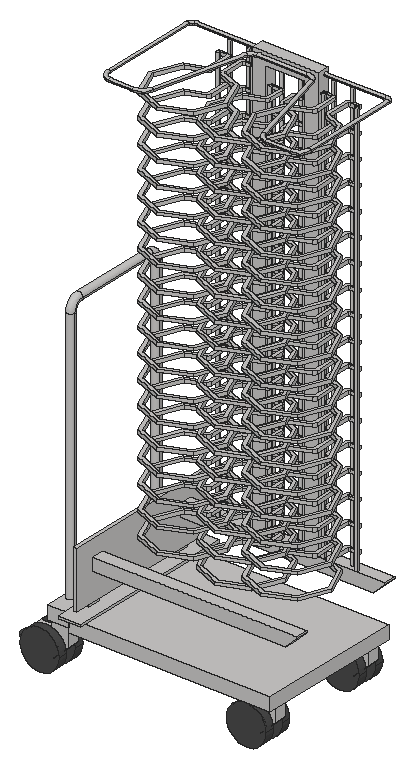
Revit family "QF_ELECTROLUXPROFESSIONAL_922756_TRBA54PL2011C", category Attrezzature speciali, Revit 2020 (continued)
Automatic sketch dimensions
  Extrusion 72 sketch curve to plane 7 "Centro Avanti/Indietro" = 22.573 mm
  Extrusion 72 sketch curve to plane 6 = 185.941 mm
  Extrusion 73 sketch curve to plane 5 "RIGHT" = 43.449 mm
  plane 15 to Extrusion 73 sketch curve = 25.37 mm
  plane 7 "Centro Avanti/Indietro" to Extrusion 74 sketch curve = 1.086 mm
  Extrusion 74 sketch curve to plane 6 = 19.47 mm
  Extrusion 75 sketch curve to plane 7 "Centro Avanti/Indietro" = 22.573 mm
  Extrusion 75 sketch curve to plane 6 = 185.941 mm
  Extrusion 76 sketch curve to plane 5 "RIGHT" = 43.449 mm
  plane 15 to Extrusion 76 sketch curve = 25.37 mm
  plane 7 "Centro Avanti/Indietro" to Extrusion 77 sketch curve = 1.086 mm
  Extrusion 77 sketch curve to plane 6 = 19.47 mm
  Extrusion 78 sketch curve to plane 7 "Centro Avanti/Indietro" = 22.573 mm
  Extrusion 78 sketch curve to plane 6 = 185.941 mm
  Extrusion 79 sketch curve to plane 5 "RIGHT" = 43.449 mm
  plane 15 to Extrusion 79 sketch curve = 25.37 mm
  plane 7 "Centro Avanti/Indietro" to Extrusion 80 sketch curve = 1.086 mm
  Extrusion 80 sketch curve to plane 6 = 19.47 mm
  Extrusion 81 sketch curve to plane 7 "Centro Avanti/Indietro" = 22.573 mm
  Extrusion 81 sketch curve to plane 6 = 185.941 mm
  Extrusion 82 sketch curve to plane 5 "RIGHT" = 43.449 mm
  plane 15 to Extrusion 82 sketch curve = 25.37 mm
  plane 7 "Centro Avanti/Indietro" to Extrusion 83 sketch curve = 1.086 mm
  Extrusion 83 sketch curve to plane 6 = 19.47 mm
  Extrusion 84 sketch curve to plane 7 "Centro Avanti/Indietro" = 22.573 mm
  Extrusion 84 sketch curve to plane 6 = 185.941 mm
  Extrusion 85 sketch curve to plane 5 "RIGHT" = 43.449 mm
  plane 15 to Extrusion 85 sketch curve = 25.37 mm
  plane 7 "Centro Avanti/Indietro" to Extrusion 86 sketch curve = 1.086 mm
  Extrusion 86 sketch curve to plane 6 = 19.47 mm
  Extrusion 87 sketch curve to plane 7 "Centro Avanti/Indietro" = 22.573 mm
  Extrusion 87 sketch curve to plane 6 = 185.941 mm
  Extrusion 88 sketch curve to plane 5 "RIGHT" = 43.449 mm
  plane 15 to Extrusion 88 sketch curve = 25.37 mm
  plane 7 "Centro Avanti/Indietro" to Extrusion 89 sketch curve = 1.086 mm
  Extrusion 89 sketch curve to plane 6 = 19.47 mm
  Extrusion 90 sketch curve to plane 7 "Centro Avanti/Indietro" = 22.573 mm
  Extrusion 90 sketch curve to plane 6 = 185.941 mm
  Extrusion 91 sketch curve to plane 5 "RIGHT" = 43.449 mm
  plane 15 to Extrusion 91 sketch curve = 25.37 mm
  radius of Extrusion 2 sketch curve = 62.5 mm
  radius of Sweep 11 sketch curve = 12.5 mm
  radius of Extrusion 12 sketch curve = 62.5 mm
  radius of Extrusion 15 sketch curve = 62.5 mm
  radius of Extrusion 16 sketch curve = 62.5 mm
  radius of Extrusion 19 sketch curve = 62.5 mm
  radius of Extrusion 20 sketch curve = 62.5 mm
  radius of Extrusion 22 sketch curve = 62.5 mm
  radius of Extrusion 23 sketch curve = 62.5 mm
  radius of Extrusion 25 sketch curve = 5 mm
  radius of Extrusion 26 sketch curve = 5 mm
  radius of Extrusion 27 sketch curve = 5 mm
  radius of Extrusion 28 sketch curve = 5 mm
  radius of Extrusion 29 sketch curve = 5 mm
  radius of Extrusion 30 sketch curve = 5 mm
  radius of Extrusion 31 sketch curve = 5 mm
  radius of Extrusion 32 sketch curve = 5 mm
  radius of Extrusion 33 sketch curve = 5 mm
  radius of Extrusion 34 sketch curve = 5 mm
  radius of Extrusion 35 sketch curve = 5 mm
  radius of Extrusion 36 sketch curve = 5 mm
  radius of Sweep 37 sketch curve = 5 mm
